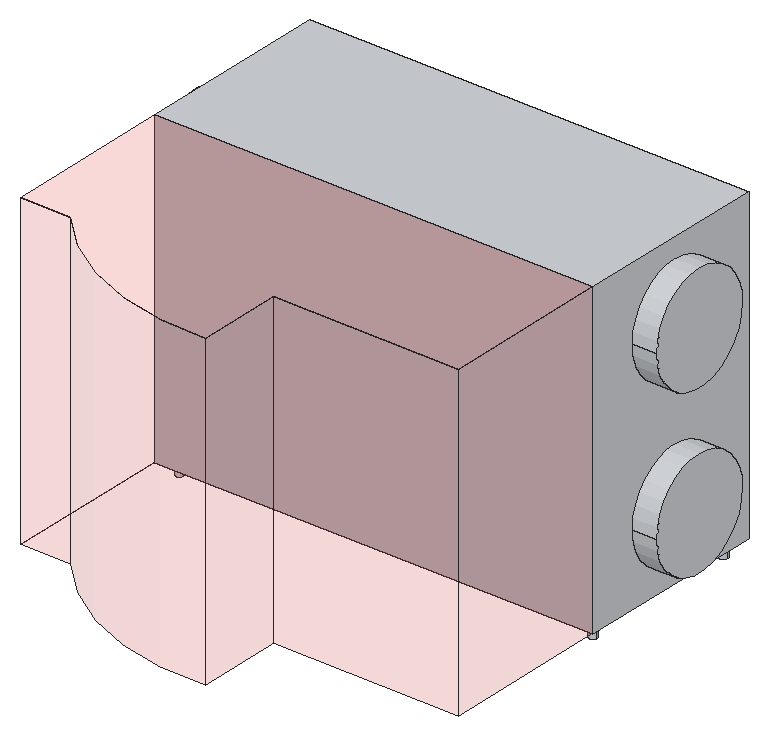
Revit family
Parameters (values of type "115 V Single Phase")
  Weight Scheduled [instance] = 211  # constant formula
  Voltage Workaround = Voltage / 1 V  # 115
  Voltage Scheduled = Voltage  # 115 V
  Voltage = 115 V
  VoltAmps Workaround [instance] = Voltage Workaround * Total FLA * sqrt(Phase)  # 0
  VoltAmps [instance] = VoltAmps Workaround * 1 VA  # 0 VA
  URL = "http://www.renewaire.com/_assets/files/SubmittalForms/HE1XINHSubmittal.pdf"
  Total FLA [instance] = if(or(Supply Motor HP = 0, Exhaust Motor HP = 0), 0, Supply Motor FLA + Exhaust Motor FLA)  # 0
  Supply Motor RPM Scheduled [instance] = 0
  Supply Motor HP Scheduled [instance] = Supply Motor HP  # 0
  Supply Motor HP [instance] = if(Supply Motor BHP = 0, 0, 0.75)  # 0
  Supply Motor FLA [instance] = if(Supply Motor HP = 0, 0, if(Voltage = 115 V, if(Phase = 1, 9, 0), if(or(Voltage = 208 V, Voltage = 230 V), if(Phase = 1, 4.5, if(Phase = 3, 2.3, 0)), if(Voltage = 277 V, if(Phase = 1, 3.9, 0), if(Voltage = 460 V, if(Phase = 3, 1.15, 0), 0)))))  # 0
  Supply Motor Count Scheduled [instance] = Supply Motor Count  # 1
  Supply Motor Count [instance] = 1  # constant formula
  Supply Motor BHP [instance] = if(and(or(Supply ESP = 0, Supply ESP > 0), Supply ESP < 0.25), if(Phase = 1, if(Supply CFM < 970 CFM, 1.998, 0), if(Phase = 3, if(Supply CFM < 970 CFM, 1.67, 0), 0)), if(and(or(Supply ESP = 0.25, Supply ESP > 0.25), Supply ESP < 0.5), if(Phase = 1, if(Supply CFM < 925 CFM, 1.843, 0), if(Phase = 3, if(Supply CFM < 925 CFM, 1.552, 0), 0)), if(and(or(Supply ESP = 0.5, Supply ESP > 0.5), Supply ESP < 0.75), if(Phase = 1, if(Supply CFM < 860 CFM, 1.703, 0), if(Phase = 3, if(Supply CFM < 860 CFM, 1.393, 0), 0)), if(and(or(Supply ESP = 0.75, Supply ESP > 0.75), Supply ESP < 0.9), if(Phase = 1, if(Supply CFM < 795 CFM, 1.555, 0), if(Phase = 3, if(Supply CFM < 795 CFM, 1.244, 0), 0)), if(and(or(Supply ESP = 0.9, Supply ESP > 0.9), Supply ESP < 1.25), if(Phase = 1, if(Supply CFM < 750 CFM, 1.461, 0), if(Phase = 3, if(Supply CFM < 750 CFM, 1.147, 0), 0)), if(and(or(Supply ESP = 1.25, Supply ESP > 1.25), Supply ESP < 1.5), if(Phase = 1, if(Supply CFM < 635 CFM, 1.273, 0), if(Phase = 3, if(Supply CFM < 635 CFM, 1.926, 0), 0)), if(Supply ESP = 1.5, if(Phase = 1, if(Supply CFM < 480 CFM, 1.106, 0), if(Phase = 3, if(Supply CFM < 480 CFM, 0.682, 0), 0)), 0)))))))  # 0
  Supply ESP Scheduled [instance] = Supply ESP  # 0
  Supply ESP [instance] = 0
  Supply CFM Scheduled [instance] = Supply CFM  # 970 CFM
  Supply CFM [instance] = 970 CFM
  Supply Air Winter RH Scheduled [instance] = 0
  Supply Air Winter DB Scheduled [instance] = 0
  Supply Air Summer RH Scheduled [instance] = 0
  Supply Air Summer DB Scheduled [instance] = 0
  SUPPLY MOTORIZED DAMPER [instance] = no
  SUPPLY MD DIM [instance] = if(SUPPLY MOTORIZED DAMPER, 1' 2 3/4", 0' 2 3/8")  # 0' - 2 3/8"
  Phase Scheduled = Phase  # 1
  Phase = 1
  Outside Air Winter RH Scheduled [instance] = 0
  Outside Air Winter DB Scheduled [instance] = 0
  Outside Air Summer RH Scheduled [instance] = 0
  Outside Air Summer DB Scheduled [instance] = 0
  Number of Poles = 1
  Model = "HE1XINH"
  Manufacturer = "RenewAire"
  MOCP Scheduled [instance] = MOCP  # 0
  MOCP [instance] = if(or(Supply Motor HP = 0, Exhaust Motor HP = 0), 0, if(Voltage = 115 V, if(Phase = 1, 25, 0), if(or(Voltage = 208 V, Voltage = 230 V), if(Phase = 1, 15, if(Phase = 3, 15, 0)), if(Voltage = 277 V, if(Phase = 1, 15, 0), if(Voltage = 460 V, if(Phase = 3, 15, 0), 0)))))  # 0
  MCA Scheduled [instance] = MCA  # 0
  MCA [instance] = if(or(Supply Motor HP = 0, Exhaust Motor HP = 0), 0, if(Voltage = 115 V, if(Phase = 1, 20.3, 0), if(or(Voltage = 208 V, Voltage = 230 V), if(Phase = 1, 10.1, if(Phase = 3, 5.2, 0)), if(Voltage = 277 V, if(Phase = 1, 8.8, 0), if(Voltage = 460 V, if(Phase = 3, 2.6, 0), 0)))))  # 0
  FLA Scheduled [instance] = Total FLA  # 0
  Exhaust RH Scheduled [instance] = 0
  Exhaust Motor RPM Scheduled [instance] = 0
  Exhaust Motor HP Scheduled [instance] = Exhaust Motor HP  # 0.75
  Exhaust Motor HP [instance] = if(Exhaust Motor BHP = 0, 0, 0.75)  # 0.75
  Exhaust Motor FLA [instance] = if(Exhaust Motor HP = 0, 0, if(Voltage = 115 V, if(Phase = 1, 9, 0), if(or(Voltage = 208 V, Voltage = 230 V), if(Phase = 1, 4.5, if(Phase = 3, 2.3, 0)), if(Voltage = 277 V, if(Phase = 1, 3.9, 0), if(Voltage = 460 V, if(Phase = 3, 1.15, 0), 0)))))  # 9
  Exhaust Motor Count Scheduled [instance] = Exhaust Motor Count  # 1
  Exhaust Motor Count [instance] = 1  # constant formula
  Exhaust Motor BHP [instance] = if(and(or(Exhaust ESP = 0, Exhaust ESP > 0), Exhaust ESP < 0.25), if(Phase = 1, if(Exhaust CFM < 970 CFM, 1.998, 0), if(Phase = 3, if(Exhaust CFM < 970 CFM, 1.67, 0), 0)), if(and(or(Exhaust ESP = 0.25, Exhaust ESP > 0.25), Exhaust ESP < 0.5), if(Phase = 1, if(Exhaust CFM < 925 CFM, 1.843, 0), if(Phase = 3, if(Exhaust CFM < 925 CFM, 1.552, 0), 0)), if(and(or(Exhaust ESP = 0.5, Exhaust ESP > 0.5), Exhaust ESP < 0.75), if(Phase = 1, if(Exhaust CFM < 860 CFM, 1.703, 0), if(Phase = 3, if(Exhaust CFM < 860 CFM, 1.393, 0), 0)), if(and(or(Exhaust ESP = 0.75, Exhaust ESP > 0.75), Exhaust ESP < 0.9), if(Phase = 1, if(Exhaust CFM < 795 CFM, 1.555, 0), if(Phase = 3, if(Exhaust CFM < 795 CFM, 1.244, 0), 0)), if(and(or(Exhaust ESP = 0.9, Exhaust ESP > 0.9), Exhaust ESP < 1.25), if(Phase = 1, if(Exhaust CFM < 750 CFM, 1.461, 0), if(Phase = 3, if(Exhaust CFM < 750 CFM, 1.147, 0), 0)), if(and(or(Exhaust ESP = 1.25, Exhaust ESP > 1.25), Exhaust ESP < 1.5), if(Phase = 1, if(Exhaust CFM < 635 CFM, 1.273, 0), if(Phase = 3, if(Exhaust CFM < 635 CFM, 1.926, 0), 0)), if(Exhaust ESP = 1.5, if(Phase = 1, if(Exhaust CFM < 480 CFM, 1.106, 0), if(Phase = 3, if(Exhaust CFM < 480 CFM, 0.682, 0), 0)), 0)))))))  # 1.703
  Exhaust ESP Scheduled [instance] = Exhaust ESP  # 0.5
  Exhaust ESP [instance] = 0.5
  Exhaust DB Scheduled [instance] = 0
  Exhaust CFM Scheduled [instance] = Exhaust CFM  # 450 CFM
  Exhaust CFM [instance] = 450 CFM
  Enthalpy Effect Winter Scheduled [instance] = 0
  Enthalpy Effect Summer Scheduled [instance] = 0
  EXHAUST MOTORIZED DAMPER [instance] = no
  EXHAUST MD DIM [instance] = if(EXHAUST MOTORIZED DAMPER, 1' 2 3/4", 0' 2 3/8")  # 0' - 2 3/8"
Types (6): name | Voltage Workaround | Voltage Scheduled | Voltage | VoltAmps Workaround | VoltAmps | Total FLA | Supply Motor HP Scheduled | Supply Motor HP | Supply Motor FLA | Supply Motor BHP | Supply CFM Scheduled | Supply CFM | SUPPLY MOTORIZED DAMPER | SUPPLY MD DIM | Phase Scheduled | Phase | Number of Poles | MOCP Scheduled | MOCP | MCA Scheduled | MCA | FLA Scheduled | Exhaust Motor FLA | Exhaust Motor BHP | Exhaust ESP Scheduled | Exhaust ESP | Exhaust CFM Scheduled | Exhaust CFM | EXHAUST MOTORIZED DAMPER | EXHAUST MD DIM
  (no name) | 115 | 115 V | 115 V | 0 | 0 VA | 0 | 0 | 0 | 0 | 0 | 970 CFM | 970 CFM | no | 0' - 2 3/8" | 1 | 1 | 1 | 0 | 0 | 0 | 0 | 0 | 9 | 1.703 | 0.5 | 0.5 | 450 CFM | 450 CFM | no | 0' - 2 3/8"
  208-230 V Single Phase | 208 | 208 V | 208 V | 1872 | 1872 VA | 9 | 0.75 | 0.75 | 4.5 | 1.998 | 0 CFM | 0 CFM | yes | 1' - 2 3/4" | 1 | 1 | 2 | 15 | 15 | 10.1 | 10.1 | 9 | 4.5 | 1.998 | 0 | 0 | 0 CFM | 0 CFM | yes | 1' - 2 3/4"
  208-230 V Three Phase | 208 | 208 V | 208 V | 1657.2262 | 1657.23 VA | 4.6 | 0.75 | 0.75 | 2.3 | 1.67 | 0 CFM | 0 CFM | yes | 1' - 2 3/4" | 3 | 3 | 3 | 15 | 15 | 5.2 | 5.2 | 4.6 | 2.3 | 1.67 | 0 | 0 | 0 CFM | 0 CFM | yes | 1' - 2 3/4"
  115 V Single Phase | 115 | 115 V | 115 V | 0 | 0 VA | 0 | 0 | 0 | 0 | 0 | 970 CFM | 970 CFM | no | 0' - 2 3/8" | 1 | 1 | 1 | 0 | 0 | 0 | 0 | 0 | 9 | 1.703 | 0.5 | 0.5 | 450 CFM | 450 CFM | no | 0' - 2 3/8"
  277 V Single Phase | 277 | 277 V | 277 V | 2160.6 | 2160.6 VA | 7.8 | 0.75 | 0.75 | 3.9 | 1.998 | 0 CFM | 0 CFM | yes | 1' - 2 3/4" | 1 | 1 | 1 | 15 | 15 | 8.8 | 8.8 | 7.8 | 3.9 | 1.998 | 0 | 0 | 0 CFM | 0 CFM | yes | 1' - 2 3/4"
  460 V Three Phase | 460 | 460 V | 460 V | 1832.5098 | 1832.51 VA | 2.3 | 0.75 | 0.75 | 1.15 | 1.67 | 0 CFM | 0 CFM | yes | 1' - 2 3/4" | 3 | 3 | 3 | 15 | 15 | 2.6 | 2.6 | 2.3 | 1.15 | 1.67 | 0 | 0 | 0 CFM | 0 CFM | yes | 1' - 2 3/4"
Reference planes (in)
  plane 1 "Center (Front/Back)": y = 0
  plane 2: z = 0
  plane 3 "Center (Left/Right)": x = 0
Forms (in)
  Extrusion 1, solid
    sketch origin (0, 0, 0) x (1, 0, 0) y (0, 1, 0)
      loop
        line (-24.5625, -10.875) -> (24.5625, -10.875) -> (24.5625, 10.875) -> (-24.5625, 10.875) -> (-24.5625, -10.875)
    from 1.5 to 36.375
  Extrusion 2, solid
    sketch origin (0, 0, 0) x (1, 0, 0) y (0, 1, 0)
      loop
        circle (-23.18617, 9.13101) r 0.4375
      loop
        circle (23.18617, 9.13101) r 0.4375
      loop
        circle (-23.18617, -9.13101) r 0.4375
      loop
        circle (23.18617, -9.13101) r 0.4375
    from 0 to 36.375
  Extrusion 3, solid
    sketch origin (24.5625, -6.70778, 0) x (0, 1, 0) y (0, 0, 1)
      loop
        circle (7.20778, 28.25) r 6
      loop
        circle (7.20778, 9.625) r 6
    from 0 to 2.8125
  Extrusion 4, solid
    sketch origin (-24.5625, -6.29461, 0) x (0, -1, 0) y (0, 0, 1)
      loop
        circle (-4.29461, 28.375) r 6
    from 0 to 2.375 <- "EXHAUST MD DIM"
  Extrusion 5, solid
    sketch origin (0, -33.5625, 0) x (1, 0, 0) y (0, 1, 0)
      loop
        line (3.8125, 3.8125) -> (24.5625, 3.8125) -> (24.5625, 22.6875) -> (-24.5625, 22.6875) -> (-24.5625, 3.8125) -> (-18.85872, 3.8125)
        arc (-18.85872, 3.8125) -> (-8.68479, -3.70979) -> (3.8125, -5.6875) r 26.63043
        line (3.8125, -5.6875) -> (3.8125, 3.8125)
    from 1.5 to 36.375
  Extrusion 6, solid
    sketch origin (-24.5625, -6.29461, 0) x (0, -1, 0) y (0, 0, 1)
      loop
        circle (-8.54461, 9.5) r 6
    from 0 to 2.375 <- "SUPPLY MD DIM"
Cuts and joins
  joined: Extrusion 1, Extrusion 2, Extrusion 3, Extrusion 4
Dimensions and locks (in)
  equal spacing: Extrusion 1 sketch curve, plane 3 "Center (Left/Right)", Extrusion 1 sketch curve
  Extrusion 1 sketch curve to plane 3 "Center (Left/Right)" = 2' - 0 9/16"
  cut or joined group of Extrusion 1, Extrusion 2, Extrusion 3, Extrusion 4 to Extrusion 3 sketch curve = 0' - 9 5/8"
  cut or joined group of Extrusion 1, Extrusion 2, Extrusion 3, Extrusion 4 to Extrusion 3 sketch curve = 2' - 4 1/4"
  Extrusion 3 sketch curve to cut or joined group of Extrusion 1, Extrusion 2, Extrusion 3, Extrusion 4 = 0' - 10 3/8"  (x2)
  cut or joined group of Extrusion 1, Extrusion 2, Extrusion 3, Extrusion 4 to Extrusion 4 sketch curve = 2' - 4 3/8"
  cut or joined group of Extrusion 1, Extrusion 2, Extrusion 3, Extrusion 4 to Extrusion 4 sketch curve = 1' - 0 7/8"
  equal spacing: Extrusion 1 sketch curve, plane 1 "Center (Front/Back)", Extrusion 1 sketch curve
  Extrusion 1 sketch curve to plane 1 "Center (Front/Back)" = 0' - 10 7/8"
Connectors (in)
  hvac at (-26.9375, -2, 28.375), driven by "Exhaust CFM"
    settings: on cut or joined group of Extrusion 1, Extrusion 2, Extrusion 3, Extrusion 4, index 1, duct flow 450 CFM, flow factor 0, pres drop 0.00 in-wg, loss coef 0, conn angle 0.00°, conn width 12", conn height 12", conn radius 6", duct sys type 3, conn prof type 0, flow config 1, flow direction 2, loss method 0, conn ref index -1, conn util no, is conn primary yes, conn desc ""
  hvac at (27.375, 0.5, 28.25), driven by "Supply CFM"
    settings: on cut or joined group of Extrusion 1, Extrusion 2, Extrusion 3, Extrusion 4, index 3, duct flow 970 CFM, flow factor 0, pres drop 0.00 in-wg, loss coef 0, conn angle 0.00°, conn width 12", conn height 12", conn radius 6", duct sys type 1, conn prof type 0, flow config 1, flow direction 1, loss method 0, conn ref index -1, conn util no, is conn primary no, conn desc ""
  hvac at (27.375, 0.5, 9.625), driven by "Exhaust CFM"
    settings: on cut or joined group of Extrusion 1, Extrusion 2, Extrusion 3, Extrusion 4, index 4, duct flow 450 CFM, flow factor 0, pres drop 0.00 in-wg, loss coef 0, conn angle 0.00°, conn width 12", conn height 12", conn radius 6", duct sys type 3, conn prof type 0, flow config 0, flow direction 1, loss method 0, conn ref index -1, conn util no, is conn primary no, conn desc ""
  electrical at (0, 0, 36.375), driven by "VoltAmps", driven by "Voltage", driven by "Number of Poles"
    settings: on cut or joined group of Extrusion 1, Extrusion 2, Extrusion 3, Extrusion 4, index 5, voltage 115 V, apparent load 0 VA, apparent load phase1 0 VA, apparent load phase2 0 VA, apparent load phase3 0 VA, power factor 1, load classification "HVAC", number of poles 1, system type 30, power factor state 1, is connector primary yes, connector utility no, sub classification motor no, connector description ""
  hvac at (-26.9375, 2.25, 9.5)
    settings: on Extrusion 6, index 6, duct flow 0 CFM, flow factor 0, pres drop 0.00 in-wg, loss coef 0, conn angle 0.00°, conn width 12", conn height 12", conn radius 6", duct sys type 1, conn prof type 0, flow config 0, flow direction 2, loss method 0, conn ref index -1, conn util no, is conn primary no, conn desc ""
